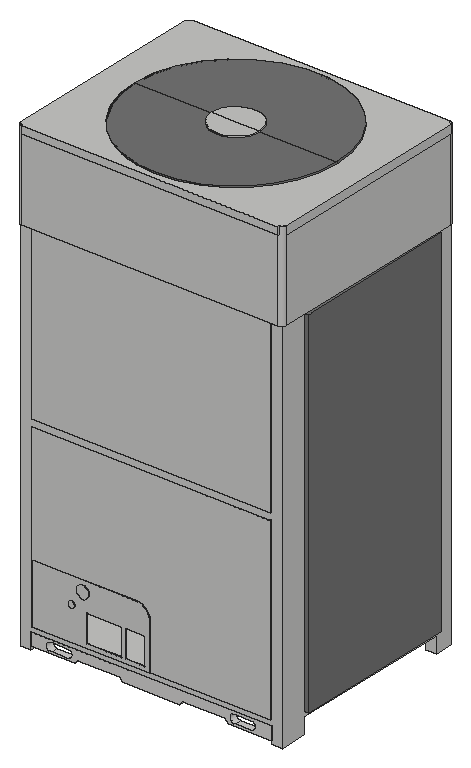
Revit family "Heat_Pump-Split_System-Outdoor-JCI-Single_Unit-6-16 _ton-Heat_Recovery", category Mechanical Equipment, Revit 2014
Parameters (values of type "208v - 6 ton Cooling Capacity")
  Width = 30 1/2"
  Voltage = 208 V
  Visibility 2 = Total Cooling Capacity > 46891.4 VA  # no
  Visibility 1 = Total Cooling Capacity > 21101.1 VA  # no
  URL = "www.johnsoncontrols.com"
  Type Comments = "208v - 6 ton Cooling Capacity"
  Total Heating Capacity = 96000.0 Btu/h
  Total Cooling Capacity = 72000.0 Btu/h
  Shroud Radius = Shroud Diameter / 2  # 14 3/8"
  Shroud Diameter = if(and(Total Cooling Capacity < 48356.7 VA, Total Cooling Capacity > 21101.1 VA), 22", 28 3/4")  # 28 3/4"
  Refrigerant Used = "R410A"
  Product Page URL = ""
  Product Name = "(H,Y)VAHR072B32S"
  Product Documentation Link = ""
  Power Factor = 0.8
  Pipe Material = Metal - JCI - Brass SU
  Phase = 3
  Panel 2 Width = 15 9/32"  # constant formula
  Operating Weight = 516.00 lbf
  Offset = 0"
  Number of Poles = 2
  Model = Product Name  # "(H,Y)VAHR072B32S"
  Minimum Circuit Current = 29 A
  Maximum Overcurrent Protection = 40 A
  Manufacturer = "Johnson Controls Incorporated"
  Load Classification = HVAC
  Lid Height = 12.63"
  Length 9 [instance] = if(Clearance Zones, Clearance Top, 0")  # 0"
  Length 8 [instance] = if(Clearance Zones, Clearance Back, 0")  # 0"
  Length 7 [instance] = if(Clearance Zones, Clearance Front, 0")  # 0"
  Length 6 [instance] = if(Clearance Zones, Clearance Right, 0")  # 0"
  Length 5 [instance] = if(Clearance Zones, Clearance Left, 0")  # 0"
  Length 4 = Height - 1"  # 65 1/4"
  Length 3 = 5/32"
  Length 2 = 0.063"
  Length 15 = if(Visibility 2, Panel 2 Width + Length 3, 0")  # 0"
  Length 14 [instance] = KO 2 X Offset + KO 2 Width + 3/4"  # 18 7/16"
  Length 13 [instance] = 3"
  Length 12 [instance] = 1/4"
  Length 10 [instance] = KO Height / 2  # 1 31/32"
  Length 1 = 11/16"
  Length = 38 3/8"
  Leg Width = 1 1/2"
  KO Power X Offset 3 = 14 9/16"
  KO Power X Offset 2 = 12"
  KO Power X Offset 1 = 8 7/8"
  KO Controls X Offset = 7 5/16"
  KO Controls Radius = KO Controls Diameter / 2  # 7/16"
  KO Controls Diameter = 7/8"
  KO Power X Offset [instance] = if(Knockout Power 1, KO Power X Offset 1, if(Knockout Power 2, KO Power X Offset 2, if(Knockout Power 3, KO Power X Offset 3, 0")))  # 8 7/8"
  KO Power Radius [instance] = KO Power Diameter / 2  # 7/8"
  KO Power Diameter [instance] = if(Knockout Power 1, 1 3/4", if(Knockout Power 2, 1 3/8", 7/8"))  # 1 3/4"
  Knockout Power 3 [instance] = no
  Knockout Power 2 [instance] = no
  Knockout Power 1 [instance] = yes
  Length 11 [instance] = if(Knockout Bottom, 9 13/16", 9 15/16")  # 9 15/16"
  KO 2 X Offset [instance] = 14 15/16"
  KO Z Offset [instance] = if(Knockout Bottom, Base Height, 5 9/16")  # 5 9/16"
  KO Y Offset [instance] = if(Knockout Bottom, 4 5/16" + Length 10, 0")  # 0"
  Knockout Front [instance] = yes
  Knockout Bottom [instance] = not(Knockout Front)  # no
  KO 2 Width [instance] = 2 3/4"
  KO 1 X Offset [instance] = 9 7/16"
  KO 1 Width [instance] = 5"
  KO Height [instance] = if(Knockout Bottom, 3 1/8", 3 15/16")  # 3 15/16"
  Height = 66 1/4"
  Grille Material = Metal - JCI - Grille Square SU
  Frequency = 60 Hz
  Fan 2 X Offset [instance] = if(Visibility 1, Length / 4, Length)  # 38 3/8"
  Fan 1 X Offset [instance] = if(Visibility 1, Length / 4, 0")  # 0"
  Description = "Outdoor Unit Variable Refrigernat Flow with Heat Recovery"
  DX Suction Gas X Offset = 13 1/16"
  DX Suction Gas Radius = DX Suction Gas Diameter / 2  # 3/8"
  DX Suction Gas Diameter = 3/4"
  DX Liquid Z Offset = 10 11/32"
  DX Liquid Y Offset = 5 3/16"
  DX Liquid X Offset = 10 3/8"
  DX Liquid Radius = DX Liquid Diameter / 2  # 1/4"
  DX Liquid Diameter = 1/2"
  DX Gas Z Offset = 6 25/32"
  DX Gas Y Offset = 5 31/32"
  DX Discharge Gas X Offset = 16 5/16"
  DX Discharge Gas Radius = DX Discharge Gas Diameter / 2  # 7/16"
  DX Discharge Gas Diameter = 7/8"
  Copyright © = "Copyright © 2001-2017 Johnson Controls"  # constant formula
  Clearance Zones [instance] = no
  Clearance Top = 59 1/2"
  Clearance Right = 7 7/8"
  Clearance Material = Clearance Zones
  Clearance Left = 7 7/8"
  Clearance Front = 19 11/16"
  Clearance Back = 11 13/16"
  Body Material = Paint - JCI - Silky Shade SU
  Body Inset = 5/16"
  Base Material = Metal - JCI - Base Steel SU
  Base Height = 2.31"
  Assembly Code = "D3030200"
  Apparent Load = Voltage * Minimum Circuit Current / Power Factor  # 7540 VA
  Angle 2 [instance] = if(Knockout Front, 90.00°, 180.00°)  # 90.00°
  Angle 1 [instance] = if(Knockout Front, 90.00°, 0.00°)  # 90.00°
Reference planes (in)
  plane 1 "Center (Front/Back)": y = 0
  plane 2: z = 0
  plane 3 "Center (Left/Right)": x = 0
  plane 4 "Left": x = -19.1875
  plane 5 "Right": x = 19.1875
  plane 6 "Back": y = 15.25
  plane 7 "Front": y = -15.25
  plane 8 "lid left": x = -18.875
  plane 9 "lid right": x = 18.875
  plane 10 "Bottom": z = 0
  plane 11 "Top": z = 66.25
  plane 12 "base top": z = 2.31
  plane 13 "lid bottom": z = 53.62
  plane 14 "front leg inside": y = -11.09375
  plane 15 "back leg inside": y = 12.34375
  plane 16 "lid top": z = 66.187
  plane 17: z = 65.187
  plane 18 "body left": x = -18.5625
  plane 19 "body right": x = 18.5625
  plane 20 "body back": y = 14.9375
  plane 21 "body front": y = -14.9375
  plane 22 "left leg inside": x = -17.0625
  plane 23 "right leg inside": x = 17.0625
  plane 24 "panel bottom": z = 3.02875
  plane 25 "panel front": y = -15.0005
  plane 26: x = -2.375
  plane 27: x = 2.375
  plane 28: y = -6.09375
  plane 29 "fan 1 x cl": x = 0
  plane 30 "fan 2 x cl": x = 38.375
  plane 31 "fan top": z = 66.5
  plane 32 "detail panel right": x = -0.125
  plane 33 "detail panel top": z = 11.4975
  plane 34 "clearance back": y = 15.25
  plane 35 "clearance front": y = -15.25
  plane 36 "clearance left": x = -19.1875
  plane 37 "clearance right": x = 19.1875
  plane 38 "clearance top": z = 66.25
  plane 39: z = 46.39268
  plane 40: z = 39.16536
  plane 41: z = 31.93804
  plane 42: z = 24.71071
  plane 43: z = 17.48339
  plane 44: z = 10.25607
  plane 45: x = 5.3125
  plane 46: x = 8.25
  plane 47: x = 11.1875
  plane 48: x = 14.125
  plane 49: x = -14.125
  plane 50: x = -11.1875
  plane 51: x = -8.25
  plane 52: x = -5.3125
  plane 53: y = 6.19792
  plane 54: y = 0.05208
  plane 55: y = -5.23438
  plane 56: y = 0.625
  plane 57: y = 6.48437
  plane 58 "dx liquid x cl": x = -8.1875
  plane 59 "dx gas suction x cl": x = -5.5
  plane 60 "dx gas discharge x cl": x = -2.25
  plane 61 "dx liquid y cl": y = -10.0625
  plane 62 "dx gas y cl": y = -9.28125
  plane 63 "dx gas z bottom": z = 6.78125
  plane 64 "dx liquid z bottom": z = 10.34375
  plane 65 "ko mech y cl": y = -15.25
  plane 66 "ko z cl": z = 5.5625
  plane 67 "ko power y cl": y = -15
  plane 68 "dummy": z = 9.9375
  plane 69 "pane 2 left": x = 1.625
  plane 70: x = 16.90625
  plane 71 "front dummy": y = -15.25
Forms (in)
  Extrusion 1, solid, material "Paint - JCI - Silky Shade SU" <- "Body Material", detail levels medium+fine
    sketch origin (0, 0, 0) x (1, 0, 0) y (0, 1, 0)
      loop
        arc (-18.1245, 15.187) -> (-18.61064, 14.98564) -> (-18.812, 14.4995) r 0.6875
        line (-18.812, 14.4995) -> (-18.812, -14.4995)
        arc (-18.812, -14.4995) -> (-18.61064, -14.98564) -> (-18.1245, -15.187) r 0.6875
        line (-18.1245, -15.187) -> (18.1245, -15.187)
        arc (18.1245, -15.187) -> (18.61064, -14.98564) -> (18.812, -14.4995) r 0.6875
        line (18.812, -14.4995) -> (18.812, 14.4995)
        arc (18.812, 14.4995) -> (18.61064, 14.98564) -> (18.1245, 15.187) r 0.6875
        line (18.1245, 15.187) -> (-18.1245, 15.187)
    from 53.62 to 66.187
  Extrusion 2, solid, material "Paint - JCI - Silky Shade SU" <- "Body Material", detail levels fine
    sketch origin (0, 0, 0) x (1, 0, 0) y (0, 1, 0)
      loop
        line (-18.875, -14.5625) -> (-18.74632, -14.5625)
        arc (-18.74632, -14.5625) -> (-18.56644, -14.94144) -> (-18.1875, -15.12132) r 0.625
        line (-18.1875, -15.12132) -> (-18.1875, -15.25) -> (18.1875, -15.25) -> (18.1875, -15.12132)
        arc (18.1875, -15.12132) -> (18.56644, -14.94144) -> (18.74632, -14.5625) r 0.625
        line (18.74632, -14.5625) -> (18.875, -14.5625) -> (18.875, 14.5625) -> (18.74632, 14.5625)
        arc (18.74632, 14.5625) -> (18.56644, 14.94144) -> (18.1875, 15.12132) r 0.625
        line (18.1875, 15.12132) -> (18.1875, 15.25) -> (-18.1875, 15.25) -> (-18.1875, 15.12132)
        arc (-18.1875, 15.12132) -> (-18.56644, 14.94144) -> (-18.74632, 14.5625) r 0.625
        line (-18.74632, 14.5625) -> (-18.875, 14.5625) -> (-18.875, -14.5625)
    from 66.25 to 65.187
  Extrusion 3, solid, material "Paint - JCI - Silky Shade SU" <- "Body Material", detail levels medium+fine
    sketch origin (0, 0, 0) x (0, 1, 0) y (0, 0, 1)
      loop
        line (-14.9375, 53.62) -> (-14.9375, 0) -> (-11.09375, 0) -> (-11.09375, 2.31) -> (12.34375, 2.31) -> (12.34375, 0) -> (14.9375, 0) -> (14.9375, 53.62) -> (-14.9375, 53.62)
    from -18.5625 to 18.5625
  Extrusion 4, void
    sketch origin (0, 0, 0) x (1, 0, 0) y (0, 1, 0)
      loop
        line (-17.0625, 15.25) -> (-17.0625, -15.25) -> (17.0625, -15.25) -> (17.0625, 15.25) -> (-17.0625, 15.25)
    from 0 to 2.31
  Extrusion 5, solid, material "Metal - JCI - Base Steel SU" <- "Base Material", detail levels fine
    sketch origin (0, -14.9375, 0) x (-1, 0, 0) y (0, 0, 1)
      loop
        line (17.0625, 2.31) -> (-17.0625, 2.31) -> (-17.0625, 0.46875) -> (-10.90625, 0.46875) -> (-10.40625, 0.96875) -> (-4.5, 0.96875) -> (-4, 0.46875) -> (4, 0.46875) -> (4.5, 0.96875) -> (10.40625, 0.96875) -> (10.90625, 0.46875) -> (17.0625, 0.46875) -> (17.0625, 2.31)
      loop
        line (14.1875, 1.95679) -> (11.8125, 1.95679)
        arc (11.8125, 1.95679) -> (11.1875, 1.33179) -> (11.8125, 0.70679) r 0.625
        line (11.8125, 0.70679) -> (14.1875, 0.70679)
        arc (14.1875, 0.70679) -> (14.8125, 1.33179) -> (14.1875, 1.95679) r 0.625
      loop
        arc (-14.1875, 1.95679) -> (-14.8125, 1.33179) -> (-14.1875, 0.70679) r 0.625
        line (-14.1875, 0.70679) -> (-11.8125, 0.70679)
        arc (-11.8125, 0.70679) -> (-11.1875, 1.33179) -> (-11.8125, 1.95679) r 0.625
        line (-11.8125, 1.95679) -> (-14.1875, 1.95679)
    from 0 to 1
  Extrusion 6, solid, material "Metal - JCI - Base Steel SU" <- "Base Material", detail levels fine
    sketch origin (0, 14.9375, 0) x (-1, 0, 0) y (0, 0, 1)
      loop
        line (10.40625, 0.96875) -> (10.90625, 0.46875) -> (17.0625, 0.46875) -> (17.0625, 2.31) -> (-17.0625, 2.31) -> (-17.0625, 0.46875) -> (-10.90625, 0.46875) -> (-10.40625, 0.96875) -> (-4.5, 0.96875) -> (-4, 0.46875) -> (4, 0.46875) -> (4.5, 0.96875) -> (10.40625, 0.96875)
      loop
        line (11.8125, 0.70679) -> (14.1875, 0.70679)
        arc (14.1875, 0.70679) -> (14.8125, 1.33179) -> (14.1875, 1.95679) r 0.625
        line (14.1875, 1.95679) -> (11.8125, 1.95679)
        arc (11.8125, 1.95679) -> (11.1875, 1.33179) -> (11.8125, 0.70679) r 0.625
      loop
        line (-11.8125, 1.95679) -> (-14.1875, 1.95679)
        arc (-14.1875, 1.95679) -> (-14.8125, 1.33179) -> (-14.1875, 0.70679) r 0.625
        line (-14.1875, 0.70679) -> (-11.8125, 0.70679)
        arc (-11.8125, 0.70679) -> (-11.1875, 1.33179) -> (-11.8125, 1.95679) r 0.625
    from 0 to -1
  Extrusion 7, solid, material "Paint - JCI - Silky Shade SU" <- "Body Material", detail levels fine
    sketch origin (0, -14.9375, 0) x (-1, 0, 0) y (0, 0, 1)
      loop
        line (16.90625, 53.62) -> (-16.90625, 53.62) -> (-16.90625, 29.40125) -> (16.90625, 29.40125) -> (16.90625, 53.62)
      loop
        line (16.90625, 28.37) -> (-16.90625, 28.37) -> (-16.90625, 3.02875) -> (0.0625, 3.02875) -> (0.0625, 9.4975)
        arc (0.0625, 9.4975) -> (0.66659, 10.95591) -> (2.125, 11.56) r 2.0625
        line (2.125, 11.56) -> (16.90625, 11.56) -> (16.90625, 28.37)
      loop
        line (16.90625, 3.02875) -> (16.90625, 11.4975) -> (2.125, 11.4975)
        arc (2.125, 11.4975) -> (0.71079, 10.91171) -> (0.125, 9.4975) r 2
        line (0.125, 9.4975) -> (0.125, 3.02875) -> (16.90625, 3.02875)
    from 0 to -0.063
  Extrusion 8, solid, material "Metal - JCI - Grille Square SU" <- "Grille Material", detail levels medium+fine
    sketch origin (0, 0, 0) x (1, 0, 0) y (0, 1, 0)
      loop
        line (-19.1875, 12.34375) -> (-19.1875, -6.09375) -> (-17.35479, -6.09375) -> (-17.35479, -5.09375) -> (0, -5.09375) -> (0, -11.09375) -> (19.1875, -11.09375) -> (19.1875, 12.34375) -> (17.0625, 12.34375) -> (17.0625, 15.25) -> (2.375, 15.25) -> (2.375, 12.34375) -> (-2.375, 12.34375) -> (-2.375, 15.25) -> (-17.0625, 15.25) -> (-17.0625, 12.34375) -> (-19.1875, 12.34375)
    from 3.02875 to 53.62
  Extrusion 9, void
    sketch origin (0, 0, 0) x (1, 0, 0) y (0, 1, 0)
      loop
        circle (0, 0) r 14.375
      loop
        circle (38.375, 0) r 14.375
    from 65.187 to 66.25
  Extrusion 10, solid, detail levels coarse
    sketch origin (0, 0, 0) x (1, 0, 0) y (0, 1, 0)
      loop
        line (-19.1875, 15.25) -> (-19.1875, -15.25) -> (19.1875, -15.25) -> (19.1875, 15.25) -> (-19.1875, 15.25)
    from 0 to 66.5
  Extrusion 11, solid, material "Clearance Zones" <- "Clearance Material", visible <- "Clearance Zones"
    sketch origin (0, 0, 53.62) x (-1, 0, 0) y (0, -1, 0)
      loop
        line (19.1875, -15.25) -> (19.1875, 15.25) -> (-19.1875, 15.25) -> (-19.1875, -15.25) -> (19.1875, -15.25)
    from -53.62 to 12.63
  Extrusion 12, void
    sketch origin (0, 15.25, 0) x (-1, 0, 0) y (0, 0, 1)
      loop
        line (16.90625, 11.4975) -> (0.125, 11.4975) -> (0.125, 3.02875) -> (16.90625, 3.02875) -> (16.90625, 11.4975)
    from -30.1875 to -21.34375
  Extrusion 13, solid, material "Metal - JCI - Brass SU" <- "Pipe Material", detail levels medium+fine
    sketch origin (0, 0, 53.62) x (-1, 0, 0) y (0, -1, 0)
      loop
        circle (5.5, 9.28125) r 0.375
      loop
        circle (2.25, 9.28125) r 0.4375
    from -46.83875 to -42.1225
  Extrusion 14, solid, material "Metal - JCI - Brass SU" <- "Pipe Material", detail levels medium+fine
    sketch origin (0, 0, 53.62) x (-1, 0, 0) y (0, -1, 0)
      loop
        circle (8.1875, 10.0625) r 0.25
    from -42.1225 to -43.27625
  Extrusion 15, void
    sketch origin (-18.5625, -15.25, 5.5625) x (0, 0, 1) y (1, 0, 0)
      loop
        line (1.96875, 9.4375) -> (1.96875, 14.4375) -> (-1.96875, 14.4375) -> (-1.96875, 9.4375) -> (1.96875, 9.4375)
      loop
        line (1.96875, 14.9375) -> (1.96875, 17.6875) -> (-1.96875, 17.6875) -> (-1.96875, 14.9375) -> (1.96875, 14.9375)
    from 9 to -1
  Extrusion 16, solid, material "Paint - JCI - Silky Shade SU" <- "Body Material", detail levels medium+fine
    sketch origin (-38.06929, -15.0005, 48) x (-1, 0, 0) y (0, 0, 1)
      loop
        circle (-26.81929, -40.1875) r 0.4375
      loop
        circle (-28.38179, -38.0625) r 0.875
    from 0 to 1
  Extrusion 17, solid, material "Paint - JCI - Silky Shade SU" <- "Body Material", visible <- "Visibility 2", detail levels medium+fine
    sketch origin (0, -14.9375, 0) x (-1, 0, 0) y (0, 0, 1)
      loop
        line (-1.625, 53.62) -> (-16.90625, 53.62) -> (-16.90625, 3.02875) -> (-1.625, 3.02875) -> (-1.625, 53.62)
    from 0 to -0.0625
Cuts and joins
  Extrusion 4, Extrusion 12, Extrusion 15 cuts Extrusion 3
  Extrusion 9 cuts Extrusion 2
  Extrusion 9 cuts Extrusion 1
  Extrusion 15 cuts Extrusion 7
Lines and regions (in)
  Masking region 1, detail levels coarse
    outline origin (0, 0, 53.62) x (-1, 0, 0) y (0, -1, 0)
      loop
        line (19.1875, -15.25) -> (19.1875, 15.25) -> (-19.1875, 15.25) -> (-19.1875, -15.25) -> (19.1875, -15.25)
  Masking region 2, detail levels medium+fine
    outline origin (0, 0, 53.62) x (-1, 0, 0) y (0, -1, 0)
      loop
        line (19.1875, 6.09375) -> (18.875, 6.09375) -> (18.875, 14.5625) -> (18.80911, 14.5625)
        arc (18.80911, 14.5625) -> (18.61064, 14.98564) -> (18.1875, 15.18411) r 0.6875
        line (18.1875, 15.18411) -> (18.1875, 15.25) -> (-18.1875, 15.25) -> (-18.1875, 15.18411)
        arc (-18.1875, 15.18411) -> (-18.61064, 14.98564) -> (-18.80911, 14.5625) r 0.6875
        line (-18.80911, 14.5625) -> (-18.875, 14.5625) -> (-18.875, 11.09375) -> (-19.1875, 11.09375) -> (-19.1875, -12.34375) -> (-18.875, -12.34375) -> (-18.875, -14.5625) -> (-18.80911, -14.5625)
        arc (-18.80911, -14.5625) -> (-18.61064, -14.98564) -> (-18.1875, -15.18411) r 0.6875
        line (-18.1875, -15.18411) -> (-18.1875, -15.25) -> (18.1875, -15.25) -> (18.1875, -15.18411)
        arc (18.1875, -15.18411) -> (18.61064, -14.98564) -> (18.80911, -14.5625) r 0.6875
        line (18.80911, -14.5625) -> (18.875, -14.5625) -> (18.875, -12.34375) -> (19.1875, -12.34375) -> (19.1875, 6.09375)
  Masking region 3, detail levels coarse
    outline origin (0, 0, 0) x (1, 0, 0) y (0, 0, 1)
      loop
        line (-19.1875, 66.5) -> (-19.1875, 0) -> (19.1875, 0) -> (19.1875, 66.5) -> (-19.1875, 66.5)
  Masking region 4, detail levels medium+fine
    outline origin (0, 0, 0) x (1, 0, 0) y (0, 0, 1)
      loop
        line (-18.812, 53.62) -> (-19.1875, 53.62) -> (-19.1875, 3.02875) -> (-18.5625, 3.02875) -> (-18.5625, 0) -> (-17.0625, 0) -> (-17.0625, 2.31) -> (17.0625, 2.31) -> (17.0625, 0) -> (18.5625, 0) -> (18.5625, 3.02875) -> (19.1875, 3.02875) -> (19.1875, 53.62) -> (18.812, 53.62) -> (18.812, 66.25) -> (-18.812, 66.25) -> (-18.812, 53.62)
  Masking region 5, detail levels fine
    outline origin (0, 0, 0) x (1, 0, 0) y (0, 0, 1)
      loop
        line (-18.875, 66.25) -> (-18.875, 65.187) -> (-18.74632, 65.187) -> (-18.74632, 66.187) -> (-18.1875, 66.187) -> (-18.1875, 65.187) -> (18.1875, 65.187) -> (18.1875, 66.187) -> (18.74632, 66.187) -> (18.74632, 65.187) -> (18.875, 65.187) -> (18.875, 66.25) -> (14.375, 66.25) -> (14.375, 66.5) -> (-14.375, 66.5) -> (-14.375, 66.25) -> (-18.875, 66.25)
      loop
        line (-10.40625, 0.96875) -> (-4.5, 0.96875) -> (-4, 0.46875) -> (4, 0.46875) -> (4.5, 0.96875) -> (10.40625, 0.96875) -> (10.90625, 0.46875) -> (17.0625, 0.46875) -> (17.0625, 2.31) -> (-17.0625, 2.31) -> (-17.0625, 0.46875) -> (-10.90625, 0.46875) -> (-10.40625, 0.96875)
      loop
        arc (-14.1875, 1.95679) -> (-14.8125, 1.33179) -> (-14.1875, 0.70679) r 0.625
        line (-14.1875, 0.70679) -> (-11.8125, 0.70679)
        arc (-11.8125, 0.70679) -> (-11.1875, 1.33179) -> (-11.8125, 1.95679) r 0.625
        line (-11.8125, 1.95679) -> (-14.1875, 1.95679)
      loop
        arc (11.8125, 1.95679) -> (11.1875, 1.33179) -> (11.8125, 0.70679) r 0.625
        line (11.8125, 0.70679) -> (14.1875, 0.70679)
        arc (14.1875, 0.70679) -> (14.8125, 1.33179) -> (14.1875, 1.95679) r 0.625
        line (14.1875, 1.95679) -> (11.8125, 1.95679)
  Masking region 6, detail levels coarse
    outline origin (0, 0, 0) x (0, 1, 0) y (0, 0, 1)
      loop
        line (15.25, 66.5) -> (-15.25, 66.5) -> (-15.25, 0) -> (15.25, 0) -> (15.25, 66.5)
  Masking region 7, detail levels medium+fine
    outline origin (0, 0, 0) x (0, 1, 0) y (0, 0, 1)
      loop
        line (15.187, 53.62) -> (15.187, 66.25) -> (-15.187, 66.25) -> (-15.187, 53.62) -> (-14.9375, 53.62) -> (-14.9375, 0) -> (-11.09375, 0) -> (-11.09375, 2.31) -> (12.34375, 2.31) -> (12.34375, 0) -> (14.9375, 0) -> (14.9375, 3.02875) -> (15.25, 3.02875) -> (15.25, 53.62) -> (15.187, 53.62)
  Masking region 8, detail levels fine
    outline origin (19.1875, 0, 0) x (0, 1, 0) y (0, 0, 1)
      loop
        line (-14.9375, 3.02875) -> (-14.9375, 53.62) -> (-15.0005, 53.62) -> (-15.0005, 3.02875) -> (-14.9375, 3.02875)
      loop
        line (-15.25, 66.25) -> (-15.25, 65.187) -> (-15.187, 65.187) -> (-15.187, 66.187) -> (-14.5625, 66.187) -> (-14.5625, 65.187) -> (14.5625, 65.187) -> (14.5625, 66.187) -> (15.187, 66.187) -> (15.187, 65.187) -> (15.25, 65.187) -> (15.25, 66.25) -> (14.375, 66.25) -> (14.375, 66.5) -> (-14.375, 66.5) -> (-14.375, 66.25) -> (-15.25, 66.25)
  Masking region 9, visible <- "Visibility 2", detail levels fine
    outline origin (0, -14.9375, 0) x (-1, 0, 0) y (0, 0, 1)
      loop
        line (-24, 66.5) -> (-52.75, 66.5) -> (-52.75, 66.25) -> (-24, 66.25) -> (-24, 66.5)
  symbolic lines, style "Clearance Zones", visible <- "Clearance Zones"
    curve 1: line (-19.1875, 15.25, 53.62) -> (19.1875, 15.25, 53.62)
    curve 2: line (-19.1875, -15.25, 53.62) -> (-19.1875, 15.25, 53.62)
    curve 3: line (19.1875, -15.25, 53.62) -> (-19.1875, -15.25, 53.62)
    curve 4: line (19.1875, 15.25, 53.62) -> (19.1875, -15.25, 53.62)
    curve 5: line (-19.1875, 0, 66.25) -> (19.1875, 0, 66.25)
    curve 6: line (-19.1875, 0, 0) -> (-19.1875, 0, 66.25)
    curve 7: line (19.1875, 0, 0) -> (-19.1875, 0, 0)
    curve 8: line (19.1875, 0, 66.25) -> (19.1875, 0, 0)
    curve 9: line (0, 15.25, 66.25) -> (0, -15.25, 66.25)
    curve 10: line (0, 15.25, 0) -> (0, 15.25, 66.25)
    curve 11: line (0, -15.25, 0) -> (0, 15.25, 0)
    curve 12: line (0, -15.25, 66.25) -> (0, -15.25, 0)
  symbolic lines, detail levels medium+fine
    curve 13: line (-18.875, 12.34375, 53.62) -> (-18.875, -6.09375, 53.62)
    curve 14: line (18.875, 12.34375, 53.62) -> (18.875, -11.09375, 53.62)
    curve 16: line (-18.5625, 0, 53.62) -> (-18.5625, 0, 3.02875)
    curve 17: line (-18.812, 0, 53.62) -> (18.812, 0, 53.62)
    curve 18: line (18.5625, 0, 53.62) -> (18.5625, 0, 3.02875)
    curve 39: line (-17.0625, 15.25, 3.02875) -> (-17.0625, 15.25, 53.62)
    curve 40: line (-2.375, 15.25, 3.02875) -> (-17.0625, 15.25, 3.02875)
    curve 41: line (-2.375, 15.25, 53.62) -> (-2.375, 15.25, 3.02875)
    curve 42: line (2.375, 15.25, 3.02875) -> (2.375, 15.25, 53.62)
    curve 43: line (17.0625, 15.25, 3.02875) -> (2.375, 15.25, 3.02875)
    curve 44: line (17.0625, 15.25, 53.62) -> (17.0625, 15.25, 3.02875)
    curve 45: line (2.375, 15.25, 46.39268) -> (17.0625, 15.25, 46.39268)
    curve 46: line (2.375, 15.25, 39.16536) -> (17.0625, 15.25, 39.16536)
    curve 47: line (2.375, 15.25, 31.93804) -> (17.0625, 15.25, 31.93804)
    curve 48: line (2.375, 15.25, 24.71071) -> (17.0625, 15.25, 24.71071)
    curve 49: line (2.375, 15.25, 17.48339) -> (17.0625, 15.25, 17.48339)
    curve 50: line (2.375, 15.25, 10.25607) -> (17.0625, 15.25, 10.25607)
    curve 51: line (5.3125, 15.25, 53.62) -> (5.3125, 15.25, 3.02875)
    curve 52: line (8.25, 15.25, 53.62) -> (8.25, 15.25, 3.02875)
    curve 53: line (11.1875, 15.25, 53.62) -> (11.1875, 15.25, 3.02875)
    curve 54: line (14.125, 15.25, 53.62) -> (14.125, 15.25, 3.02875)
    curve 55: line (-17.0625, 15.25, 46.39268) -> (-2.375, 15.25, 46.39268)
    curve 56: line (-17.0625, 15.25, 39.16536) -> (-2.375, 15.25, 39.16536)
    curve 57: line (-17.0625, 15.25, 31.93804) -> (-2.375, 15.25, 31.93804)
    curve 58: line (-2.375, 15.25, 24.71071) -> (-17.0625, 15.25, 24.71071)
    curve 59: line (-17.0625, 15.25, 17.48339) -> (-2.375, 15.25, 17.48339)
    curve 60: line (-17.0625, 15.25, 10.25607) -> (-2.375, 15.25, 10.25607)
    curve 61: line (-14.125, 15.25, 53.62) -> (-14.125, 15.25, 3.02875)
    curve 62: line (-11.1875, 15.25, 53.62) -> (-11.1875, 15.25, 3.02875)
    curve 63: line (-8.25, 15.25, 53.62) -> (-8.25, 15.25, 3.02875)
    curve 64: line (-5.3125, 15.25, 53.62) -> (-5.3125, 15.25, 3.02875)
    curve 65: line (0, 15.187, 53.62) -> (0, -15.187, 53.62)
    curve 66: line (0, 14.9375, 53.62) -> (0, 14.9375, 3.02875)
    curve 67: line (-19.1875, 12.34375, 3.02875) -> (-19.1875, 12.34375, 53.62)
    curve 68: line (-19.1875, -6.09375, 3.02875) -> (-19.1875, 12.34375, 3.02875)
    curve 69: line (-19.1875, -6.09375, 53.62) -> (-19.1875, -6.09375, 3.02875)
    curve 70: line (-19.1875, 6.19792, 53.62) -> (-19.1875, 6.19792, 3.02875)
    curve 71: line (-19.1875, 0.05208, 53.62) -> (-19.1875, 0.05208, 3.02875)
    curve 72: line (-19.1875, 12.34375, 46.39268) -> (-19.1875, -6.09375, 46.39268)
    curve 73: line (-19.1875, 12.34375, 39.16536) -> (-19.1875, -6.09375, 39.16536)
    curve 74: line (-19.1875, 12.34375, 31.93804) -> (-19.1875, -6.09375, 31.93804)
    curve 75: line (-19.1875, 12.34375, 24.71071) -> (-19.1875, -6.09375, 24.71071)
    curve 76: line (-19.1875, 12.34375, 17.48339) -> (-19.1875, -6.09375, 17.48339)
    curve 77: line (-19.1875, 12.34375, 10.25607) -> (-19.1875, -6.09375, 10.25607)
    curve 78: line (19.1875, -11.09375, 53.62) -> (19.1875, -11.09375, 3.02875)
    curve 79: line (19.1875, -11.09375, 3.02875) -> (19.1875, 12.34375, 3.02875)
    curve 80: line (19.1875, -11.09375, 10.25607) -> (19.1875, 12.34375, 10.25607)
    curve 81: line (19.1875, -11.09375, 17.48339) -> (19.1875, 12.34375, 17.48339)
    curve 82: line (19.1875, -11.09375, 24.71071) -> (19.1875, 12.34375, 24.71071)
    curve 83: line (19.1875, -11.09375, 31.93804) -> (19.1875, 12.34375, 31.93804)
    curve 84: line (19.1875, -11.09375, 39.16536) -> (19.1875, 12.34375, 39.16536)
    curve 85: line (19.1875, -11.09375, 46.39268) -> (19.1875, 12.34375, 46.39268)
    curve 86: line (19.1875, -5.23438, 53.62) -> (19.1875, -5.23438, 3.02875)
    curve 87: line (19.1875, 0.625, 53.62) -> (19.1875, 0.625, 3.02875)
    curve 88: line (19.1875, 6.48437, 53.62) -> (19.1875, 6.48437, 3.02875)
    curve 89: line (19.1875, -14.375, 66.25) -> (19.1875, 14.375, 66.25)
    curve 92: circle (-11.25, -14.9375, 7.8125) r 0.4375 normal (0, 1, 0)
    curve 101: circle (-9.6875, -14.9375, 9.9375) r 0.875 normal (0, 1, 0)
  symbolic lines, detail levels fine
    curve 15: line (-14.375, 0, 66.25) -> (17.5625, 0, 66.25)
    curve 19: line (-16.90625, -15.25, 3.02875) -> (-0.125, -15.25, 3.02875)
    curve 20: line (-0.125, -15.25, 3.02875) -> (-0.125, -15.25, 9.4975)
    curve 21: arc (-0.125, -15.25, 9.4975) -> (-0.71079, -15.25, 10.91171) -> (-2.125, -15.25, 11.4975) r 2
    curve 22: line (-2.125, -15.25, 11.4975) -> (-16.90625, -15.25, 11.4975)
    curve 23: line (-16.90625, -15.25, 11.4975) -> (-16.90625, -15.25, 3.02875)
    curve 24: line (-0.0625, -15.25, 3.02875) -> (16.90625, -15.25, 3.02875)
    curve 25: line (16.90625, -15.25, 3.02875) -> (16.90625, -15.25, 28.37)
    curve 26: line (16.90625, -15.25, 28.37) -> (-16.90625, -15.25, 28.37)
    curve 27: line (-16.90625, -15.25, 28.37) -> (-16.90625, -15.25, 11.56)
    curve 28: line (-16.90625, -15.25, 11.56) -> (-2.125, -15.25, 11.56)
    curve 29: arc (-2.125, -15.25, 11.56) -> (-0.66659, -15.25, 10.95591) -> (-0.0625, -15.25, 9.4975) r 2.0625
    curve 30: line (-0.0625, -15.25, 9.4975) -> (-0.0625, -15.25, 3.02875)
    curve 31: line (-16.90625, -15.25, 29.40125) -> (16.90625, -15.25, 29.40125)
    curve 32: line (16.90625, -15.25, 29.40125) -> (16.90625, -15.25, 53.62)
    curve 33: line (16.90625, -15.25, 53.62) -> (-16.90625, -15.25, 53.62)
    curve 34: line (-16.90625, -15.25, 53.62) -> (-16.90625, -15.25, 29.40125)
    curve 35: line (16.90625, -15.25, 53.62) -> (1.625, -15.25, 53.62)
    curve 37: line (1.625, -15.25, 3.02875) -> (16.90625, -15.25, 3.02875)
  symbolic lines, visible <- "Visibility 2", detail levels fine
    curve 36: line (1.625, -15.25, 53.62) -> (1.625, -15.25, 3.02875)
    curve 38: line (16.90625, -15.25, 3.02875) -> (16.90625, -15.25, 53.62)
  reference lines, not visible
    curve 90: line (-18.5625, -15.25, 5.5625) -> (-18.5625, -15.25, 7.53125)
    curve 91: line (-18.5625, -15, 0) -> (-18.5625, -15, 9.9375)
  symbolic lines, visible <- "Knockout Front", detail levels medium+fine
    curve 93: line (-9.125, -14.9375, 7.53125) -> (-4.125, -14.9375, 7.53125)
    curve 94: line (-4.125, -14.9375, 7.53125) -> (-4.125, -14.9375, 3.59375)
    curve 95: line (-4.125, -14.9375, 3.59375) -> (-9.125, -14.9375, 3.59375)
    curve 96: line (-9.125, -14.9375, 3.59375) -> (-9.125, -14.9375, 7.53125)
    curve 97: line (-3.625, -14.9375, 7.53125) -> (-0.875, -14.9375, 7.53125)
    curve 98: line (-0.875, -14.9375, 7.53125) -> (-0.875, -14.9375, 3.59375)
    curve 99: line (-0.875, -14.9375, 3.59375) -> (-3.625, -14.9375, 3.59375)
    curve 100: line (-3.625, -14.9375, 3.59375) -> (-3.625, -14.9375, 7.53125)
Dimensions and locks (in)
  equal spacing: plane 4 "Left", plane 3 "Center (Left/Right)", plane 5 "Right"
  "Length": plane 4 "Left" to plane 5 "Right"
  equal spacing: plane 6 "Back", plane 1 "Center (Front/Back)", plane 7 "Front"
  "Width": plane 6 "Back" to plane 7 "Front"
  locked: plane 4 "Left" to plane 8 "lid left" at 0.3125
  locked: plane 9 "lid right" to plane 5 "Right" at 0.3125
  "Height": plane 11 "Top" to plane 10 "Bottom"
  "Base Height": plane 12 "base top" to plane 10 "Bottom"
  "Offset": plane 10 "Bottom" to level
  "Lid Height": plane 11 "Top" to plane 13 "lid bottom"
  locked: plane 6 "Back" to plane 15 "back leg inside" at 2.90625
  locked: plane 14 "front leg inside" to plane 7 "Front" at 4.15625
  "Length 2": Extrusion 1 sketch curve to plane 6 "Back"
  "Length 2": Extrusion 1 sketch curve to plane 7 "Front"
  "Length 2": plane 8 "lid left" to Extrusion 1 sketch curve
  "Length 2": Extrusion 1 sketch curve to plane 9 "lid right"
  "Length 2": plane 11 "Top" to plane 16 "lid top"
  "Length 1": Extrusion 2 sketch curve to Extrusion 2 sketch curve  (x4)
  locked: plane 16 "lid top" to plane 17 at 1
  "Body Inset": plane 8 "lid left" to plane 18 "body left"
  "Body Inset": plane 19 "body right" to plane 9 "lid right"
  "Body Inset": plane 6 "Back" to plane 20 "body back"
  "Body Inset": plane 21 "body front" to plane 7 "Front"
  "Leg Width": plane 18 "body left" to plane 22 "left leg inside"
  "Leg Width": plane 23 "right leg inside" to plane 19 "body right"
  locked: Extrusion 5 sketch curve to plane 10 "Bottom" at 0.46875
  locked: Extrusion 5 sketch curve to Extrusion 5 sketch curve at 6.15625  (x2)
  locked: Extrusion 5 sketch curve to Extrusion 5 sketch curve at 0.5  (x2)
  locked: Extrusion 5 sketch curve to plane 18 "body left" at 4.375
  locked: Extrusion 5 sketch curve to plane 18 "body left" at 6.75
  equal spacing: Extrusion 5 sketch curve, plane 3 "Center (Left/Right)", Extrusion 5 sketch curve
  locked: plane 3 "Center (Left/Right)" to Extrusion 5 sketch curve at 4
  locked: plane 19 "body right" to Extrusion 5 sketch curve at 4.375
  locked: plane 19 "body right" to Extrusion 5 sketch curve at 6.75
  locked: Extrusion 5 sketch curve to plane 10 "Bottom" at 1.33179  (x2)
  locked: plane 24 "panel bottom" to plane 12 "base top" at 0.71875
  locked: Extrusion 7 sketch curve to Extrusion 7 sketch curve at 1.03125
  "Length 3": Extrusion 7 sketch curve to plane 22 "left leg inside"
  locked: Extrusion 7 sketch curve to Extrusion 7 sketch curve at 24.21875
  "Length 2": plane 21 "body front" to plane 25 "panel front"
  equal spacing: plane 26, plane 3 "Center (Left/Right)", plane 27
  locked: plane 26 to plane 3 "Center (Left/Right)" at 2.375
  locked: plane 28 to plane 14 "front leg inside" at 5
  locked: plane 31 "fan top" to plane 11 "Top" at 0.25
  "Length 14": plane 32 "detail panel right" to plane 18 "body left"
  locked: plane 33 "detail panel top" to plane 24 "panel bottom" at 8.46875
  locked: Extrusion 7 sketch curve to Extrusion 7 sketch curve at 0.0625  (x2)
  "Length 5": plane 36 "clearance left" to plane 4 "Left"
  "Length 6": plane 5 "Right" to plane 37 "clearance right"
  "Length 8": plane 34 "clearance back" to plane 6 "Back"
  "Length 7": plane 71 "front dummy" to plane 35 "clearance front"
  "Length 9": plane 38 "clearance top" to plane 11 "Top"
  equal spacing: Masking region 5 sketch curve, plane 29 "fan 1 x cl", Masking region 5 sketch curve
  "Shroud Diameter": Masking region 5 sketch curve to Masking region 5 sketch curve
  equal spacing: plane 13 "lid bottom", plane 39, plane 40, plane 41, plane 42, plane 43, plane 44, plane 24 "panel bottom"
  equal spacing: plane 23 "right leg inside", plane 48, plane 47, plane 46, plane 45, plane 27
  equal spacing: plane 26, plane 52, plane 51, plane 50, plane 49, plane 22 "left leg inside"
  equal spacing: plane 15 "back leg inside", plane 53, plane 54, plane 28
  equal spacing: plane 14 "front leg inside", plane 55, plane 56, plane 57, plane 15 "back leg inside"
  equal spacing: Masking region 8 sketch curve, plane 1 "Center (Front/Back)", Masking region 8 sketch curve
  "Shroud Diameter": Masking region 8 sketch curve to Masking region 8 sketch curve
  "DX Liquid X Offset": plane 18 "body left" to plane 58 "dx liquid x cl"
  "DX Suction Gas X Offset": plane 18 "body left" to plane 59 "dx gas suction x cl"
  "DX Discharge Gas X Offset": plane 18 "body left" to plane 60 "dx gas discharge x cl"
  "DX Liquid Y Offset": plane 61 "dx liquid y cl" to plane 7 "Front"
  "DX Gas Y Offset": plane 62 "dx gas y cl" to plane 7 "Front"
  "DX Gas Z Offset": plane 63 "dx gas z bottom" to plane 10 "Bottom"
  "DX Liquid Z Offset": plane 64 "dx liquid z bottom" to plane 10 "Bottom"
  "KO Y Offset": plane 65 "ko mech y cl" to plane 7 "Front"
  "KO Z Offset": plane 66 "ko z cl" to plane 10 "Bottom"
  "Length 10": curve 90 to curve 90
  "KO Height": Extrusion 15 sketch curve to Extrusion 15 sketch curve
  "KO 2 Width": Extrusion 15 sketch curve to Extrusion 15 sketch curve
  "KO 2 X Offset": Extrusion 15 sketch curve to curve 90
  "KO 1 Width": Extrusion 15 sketch curve to Extrusion 15 sketch curve
  "KO 1 X Offset": Extrusion 15 sketch curve to curve 90
  locked: Extrusion 8 sketch curve to Extrusion 8 sketch curve at 1
  "Length 11": curve 91 to curve 91
  "Length 12": plane 67 "ko power y cl" to plane 71 "front dummy"
  "KO Controls X Offset": Extrusion 16 sketch curve to plane 18 "body left"
  locked: Extrusion 16 sketch curve to plane 10 "Bottom" at 7.8125
  locked: plane 68 "dummy" to plane 10 "Bottom" at 9.9375
  "KO 2 Width": curve 100 to curve 98
  "KO 2 X Offset": curve 100 to plane 18 "body left"
  "KO 1 Width": curve 96 to curve 94
  "KO Height": curve 97 to curve 99
  locked: curve 99 to plane 10 "Bottom" at 3.59375
  "KO 1 X Offset": curve 96 to plane 18 "body left"
  "Fan 1 X Offset": plane 29 "fan 1 x cl" to plane 3 "Center (Left/Right)"
  "Fan 2 X Offset": plane 3 "Center (Left/Right)" to plane 30 "fan 2 x cl"
  "Length 3": plane 23 "right leg inside" to plane 70
  "Panel 2 Width": plane 70 to plane 69 "pane 2 left"
  "Length 15": Extrusion 7 sketch curve to plane 70
  "Panel 2 Width": Extrusion 17 sketch curve to Extrusion 17 sketch curve
  equal spacing: Masking region 9 sketch curve, plane 30 "fan 2 x cl", Masking region 9 sketch curve
  "Shroud Diameter": Masking region 9 sketch curve to Masking region 9 sketch curve
  locked: Extrusion 16 sketch curve to plane 10 "Bottom" at 9.9375
  "KO Power X Offset": Extrusion 16 sketch curve to plane 18 "body left"
  "Length 1": radius of Extrusion 1 sketch curve  (x4)
  radius of Extrusion 5 sketch curve = 5/8"
  "Shroud Radius": radius of Extrusion 9 sketch curve  (x2)
  radius of Extrusion 7 sketch curve = 2"
  radius of Extrusion 7 sketch curve = 2 1/16"
  "DX Discharge Gas Radius": radius of Extrusion 13 sketch curve
  "DX Suction Gas Radius": radius of Extrusion 13 sketch curve
  "DX Liquid Radius": radius of Extrusion 14 sketch curve
  "KO Controls Radius": radius of Extrusion 16 sketch curve
  "KO Power Radius": radius of Extrusion 16 sketch curve
  "Angle 1": angle curve 90 to plane 66 "ko z cl"
  "Angle 1": angle plane 10 "Bottom" to curve 91
  aligned and locked: level to plane 2
  aligned and locked: Extrusion 1 to plane 13 "lid bottom"
  aligned and locked: plane 16 "lid top" to Extrusion 1
  aligned and locked: Extrusion 2 sketch curve to Extrusion 2 sketch curve  (x4)
  aligned and locked: plane 8 "lid left" to Extrusion 2 sketch curve
  aligned and locked: Extrusion 2 sketch curve to plane 6 "Back"
  aligned and locked: Extrusion 2 sketch curve to plane 9 "lid right"
  aligned and locked: plane 7 "Front" to Extrusion 2 sketch curve
  aligned and locked: plane 11 "Top" to Extrusion 2
  aligned and locked: Extrusion 2 to plane 17
  aligned and locked: Extrusion 3 sketch curve to plane 10 "Bottom"  (x2)
  aligned and locked: plane 14 "front leg inside" to Extrusion 3 sketch curve
  aligned and locked: Extrusion 3 sketch curve to plane 21 "body front"
  aligned and locked: plane 13 "lid bottom" to Extrusion 3 sketch curve
  aligned and locked: plane 20 "body back" to Extrusion 3 sketch curve
  aligned and locked: Extrusion 3 sketch curve to plane 15 "back leg inside"
  aligned and locked: Extrusion 3 sketch curve to plane 12 "base top"
  aligned and locked: Extrusion 3 to plane 18 "body left"
  aligned and locked: plane 19 "body right" to Extrusion 3
  aligned and locked: Extrusion 4 sketch curve to plane 23 "right leg inside"
  aligned and locked: plane 22 "left leg inside" to Extrusion 4 sketch curve
  aligned and locked: Extrusion 4 sketch curve to plane 6 "Back"
  aligned and locked: plane 7 "Front" to Extrusion 4 sketch curve
  aligned and locked: plane 12 "base top" to Extrusion 4
  aligned and locked: Extrusion 4 to plane 10 "Bottom"
  aligned and locked: Extrusion 5 sketch curve to plane 12 "base top"
  aligned and locked: Extrusion 5 sketch curve to plane 22 "left leg inside"
  aligned and locked: Extrusion 5 sketch curve to Extrusion 5 sketch curve  (x2)
  aligned and locked: Extrusion 6 sketch curve to Extrusion 5  (x15)
  aligned and locked: Extrusion 7 sketch curve to Extrusion 7 sketch curve  (x2)
  aligned and locked: Extrusion 7 sketch curve to plane 13 "lid bottom"
  aligned and locked: Extrusion 7 sketch curve to plane 24 "panel bottom"
  aligned and locked: plane 21 "body front" to Extrusion 7
  aligned and locked: plane 25 "panel front" to Extrusion 7
  aligned and locked: plane 5 "Right" to Extrusion 8 sketch curve
  aligned and locked: Extrusion 8 sketch curve to plane 14 "front leg inside"
  aligned and locked: plane 28 to Extrusion 8 sketch curve
  aligned and locked: Extrusion 8 sketch curve to plane 4 "Left"
  aligned and locked: plane 13 "lid bottom" to Extrusion 8
  aligned and locked: plane 24 "panel bottom" to Extrusion 8
  aligned and locked: Extrusion 8 sketch curve to plane 26
  aligned and locked: plane 27 to Extrusion 8 sketch curve
  aligned and locked: Extrusion 8 sketch curve to plane 6 "Back"  (x2)
  aligned and locked: Extrusion 8 sketch curve to plane 15 "back leg inside"  (x2)
  aligned and locked: Extrusion 8 sketch curve to plane 23 "right leg inside"
  aligned and locked: plane 15 "back leg inside" to Extrusion 8 sketch curve
  aligned and locked: Extrusion 8 sketch curve to plane 22 "left leg inside"
  aligned and locked: plane 29 "fan 1 x cl" to nested 1
  aligned and locked: plane 29 "fan 1 x cl" to Extrusion 9 sketch curve
  aligned and locked: plane 1 "Center (Front/Back)" to Extrusion 9 sketch curve  (x2)
  aligned and locked: plane 30 "fan 2 x cl" to Extrusion 9 sketch curve
  aligned and locked: Extrusion 9 to plane 11 "Top"
  aligned and locked: Extrusion 9 to plane 17
  aligned and locked: plane 1 "Center (Front/Back)" to nested 1
  aligned and locked: plane 30 "fan 2 x cl" to nested 2
  aligned and locked: plane 1 "Center (Front/Back)" to nested 2
  aligned and locked: plane 7 "Front" to Extrusion 10 sketch curve
  aligned and locked: Extrusion 10 sketch curve to plane 5 "Right"
  aligned and locked: Extrusion 10 sketch curve to plane 6 "Back"
  aligned and locked: plane 4 "Left" to Extrusion 10 sketch curve
  aligned and locked: plane 31 "fan top" to Extrusion 10
  aligned and locked: Extrusion 10 to plane 10 "Bottom"
  aligned and locked: Extrusion 7 sketch curve to plane 32 "detail panel right"
  aligned and locked: plane 33 "detail panel top" to Extrusion 7 sketch curve
  aligned and locked: Masking region 1 sketch curve to Extrusion 10  (x4)
  aligned and locked: Extrusion 11 sketch curve to plane 34 "clearance back"
  aligned and locked: plane 36 "clearance left" to Extrusion 11 sketch curve
  aligned and locked: plane 35 "clearance front" to Extrusion 11 sketch curve
  aligned and locked: Extrusion 11 sketch curve to plane 37 "clearance right"
  aligned and locked: curve 4 to plane 37 "clearance right"
  aligned and locked: plane 36 "clearance left" to curve 2
  aligned and locked: plane 35 "clearance front" to curve 3
  aligned and locked: curve 1 to plane 34 "clearance back"
  aligned and locked: plane 38 "clearance top" to Extrusion 11
  aligned and locked: Extrusion 11 to plane 10 "Bottom"
  aligned and locked: plane 36 "clearance left" to curve 6
  aligned and locked: curve 8 to plane 37 "clearance right"
  aligned and locked: curve 5 to plane 38 "clearance top"
  aligned and locked: plane 10 "Bottom" to curve 7
  aligned and locked: curve 10 to plane 34 "clearance back"
  aligned and locked: plane 35 "clearance front" to curve 12
  aligned and locked: curve 9 to plane 38 "clearance top"
  aligned and locked: plane 10 "Bottom" to curve 11
  aligned and locked: plane 8 "lid left" to Masking region 2 sketch curve  (x2)
  aligned and locked: Masking region 2 sketch curve to cut or joined group of Extrusion 2, Extrusion 9  (x4)
  aligned and locked: Masking region 2 sketch curve to cut or joined group of Extrusion 1, Extrusion 9  (x4)
  aligned and locked: cut or joined group of Extrusion 2, Extrusion 9 to Masking region 2 sketch curve  (x4)
  aligned and locked: plane 7 "Front" to Masking region 2 sketch curve
  aligned and locked: Masking region 2 sketch curve to plane 28
  aligned and locked: plane 4 "Left" to Masking region 2 sketch curve
  aligned and locked: Masking region 2 sketch curve to plane 15 "back leg inside"  (x2)
  aligned and locked: Masking region 2 sketch curve to plane 6 "Back"
  aligned and locked: Masking region 2 sketch curve to plane 5 "Right"
  aligned and locked: plane 14 "front leg inside" to Masking region 2 sketch curve
  aligned and locked: Masking region 2 sketch curve to plane 9 "lid right"
  aligned and locked: curve 13 to Masking region 2  (x2)
  aligned and locked: Masking region 2 to curve 14
  aligned and locked: curve 14 to Masking region 2  (x2)
  aligned and locked: Masking region 2 to curve 13
  aligned and locked: Masking region 3 sketch curve to plane 31 "fan top"
  aligned and locked: plane 4 "Left" to Masking region 3 sketch curve
  aligned and locked: Masking region 3 sketch curve to plane 5 "Right"
  aligned and locked: plane 10 "Bottom" to Masking region 3 sketch curve
  aligned and locked: Masking region 4 sketch curve to plane 11 "Top"
  aligned and locked: cut or joined group of Extrusion 1, Extrusion 9 to Masking region 4 sketch curve
  aligned and locked: plane 13 "lid bottom" to Masking region 4 sketch curve
  aligned and locked: Masking region 4 sketch curve to plane 4 "Left"
  aligned and locked: Masking region 4 sketch curve to plane 18 "body left"
  aligned and locked: Masking region 4 sketch curve to plane 24 "panel bottom"
  aligned and locked: Masking region 4 sketch curve to plane 12 "base top"
  aligned and locked: plane 22 "left leg inside" to Masking region 4 sketch curve
  aligned and locked: Masking region 4 sketch curve to plane 10 "Bottom"  (x2)
  aligned and locked: plane 19 "body right" to Masking region 4 sketch curve
  aligned and locked: Masking region 4 sketch curve to plane 23 "right leg inside"
  aligned and locked: plane 24 "panel bottom" to Masking region 4 sketch curve
  aligned and locked: plane 5 "Right" to Masking region 4 sketch curve
  aligned and locked: Masking region 4 sketch curve to plane 13 "lid bottom"
  aligned and locked: Masking region 4 sketch curve to cut or joined group of Extrusion 1, Extrusion 9
  aligned and locked: Masking region 5 sketch curve to Masking region 5 sketch curve
  aligned and locked: Masking region 5 sketch curve to plane 17
  aligned and locked: Masking region 5 sketch curve to plane 8 "lid left"
  aligned and locked: Masking region 5 sketch curve to plane 11 "Top"  (x2)
  aligned and locked: cut or joined group of Extrusion 2, Extrusion 9 to Masking region 5 sketch curve
  aligned and locked: Masking region 5 sketch curve to plane 16 "lid top"
  aligned and locked: Masking region 5 sketch curve to cut or joined group of Extrusion 2, Extrusion 9  (x3)
  aligned and locked: Masking region 5 sketch curve to plane 31 "fan top"
  aligned and locked: Masking region 5 sketch curve to plane 9 "lid right"
  aligned and locked: plane 17 to Masking region 5 sketch curve
  aligned and locked: plane 16 "lid top" to Masking region 5 sketch curve
  aligned and locked: Masking region 5 sketch curve to Extrusion 5  (x15)
  aligned and locked: Masking region 5 to curve 15  (x2)
  aligned and locked: Masking region 4 to curve 17  (x2)
  aligned and locked: curve 17 to Masking region 4
  aligned and locked: plane 13 "lid bottom" to curve 16
  aligned and locked: curve 16 to plane 18 "body left"
  aligned and locked: curve 18 to plane 19 "body right"
  aligned and locked: Masking region 4 to curve 16
  aligned and locked: curve 18 to Masking region 4
  aligned and locked: curve 19 to Extrusion 7
  aligned and locked: curve 20 to Extrusion 7
  aligned and locked: curve 21 to Extrusion 7
  aligned and locked: curve 23 to Extrusion 7
  aligned and locked: curve 24 to Extrusion 7
  aligned and locked: curve 26 to Extrusion 7
  aligned and locked: curve 27 to Extrusion 7
  aligned and locked: curve 28 to Extrusion 7
  aligned and locked: curve 29 to Extrusion 7
  aligned and locked: curve 31 to Extrusion 7
  aligned and locked: curve 33 to Extrusion 7
  aligned and locked: curve 34 to Extrusion 7
  aligned and locked: curve 43 to curve 40
  aligned and locked: curve 42 to Extrusion 8
  aligned and locked: plane 13 "lid bottom" to curve 44
  aligned and locked: plane 13 "lid bottom" to curve 42
  aligned and locked: plane 13 "lid bottom" to curve 41
  aligned and locked: plane 13 "lid bottom" to curve 39
  aligned and locked: curve 41 to Extrusion 8
  aligned and locked: curve 44 to Extrusion 8
  aligned and locked: curve 50 to plane 44
  aligned and locked: curve 49 to plane 43
  aligned and locked: curve 48 to plane 42
  aligned and locked: curve 47 to plane 41
  aligned and locked: curve 46 to plane 40
  aligned and locked: curve 45 to plane 39
  aligned and locked: plane 27 to curve 50
  aligned and locked: plane 23 "right leg inside" to curve 47
  aligned and locked: curve 51 to plane 45
  aligned and locked: curve 52 to plane 46
  aligned and locked: curve 53 to plane 47
  aligned and locked: curve 54 to plane 48
  aligned and locked: plane 13 "lid bottom" to curve 51
  aligned and locked: plane 13 "lid bottom" to curve 52
  aligned and locked: plane 13 "lid bottom" to curve 53
  aligned and locked: plane 13 "lid bottom" to curve 54
  aligned and locked: plane 24 "panel bottom" to curve 53
  aligned and locked: plane 24 "panel bottom" to curve 54
  aligned and locked: curve 55 to plane 39
  aligned and locked: curve 56 to plane 40
  aligned and locked: curve 57 to plane 41
  aligned and locked: plane 42 to curve 58
  aligned and locked: curve 59 to plane 43
  aligned and locked: curve 60 to plane 44
  aligned and locked: plane 22 "left leg inside" to curve 60
  aligned and locked: plane 22 "left leg inside" to curve 55
  aligned and locked: plane 26 to curve 57
  aligned and locked: curve 62 to plane 50
  aligned and locked: curve 63 to plane 51
  aligned and locked: curve 64 to plane 52
  aligned and locked: plane 24 "panel bottom" to curve 64
  aligned and locked: plane 13 "lid bottom" to curve 61
  aligned and locked: plane 13 "lid bottom" to curve 62
  aligned and locked: plane 13 "lid bottom" to curve 63
  aligned and locked: plane 13 "lid bottom" to curve 64
  aligned and locked: Masking region 6 sketch curve to Extrusion 10  (x4)
  aligned and locked: Masking region 7 sketch curve to Masking region 7 sketch curve
  aligned and locked: plane 13 "lid bottom" to Masking region 7 sketch curve
  aligned and locked: Masking region 7 sketch curve to plane 6 "Back"
  aligned and locked: Masking region 7 sketch curve to cut or joined group of Extrusion 1, Extrusion 9  (x2)
  aligned and locked: Masking region 7 sketch curve to plane 11 "Top"
  aligned and locked: Masking region 7 sketch curve to plane 15 "back leg inside"
  aligned and locked: plane 10 "Bottom" to Masking region 7 sketch curve  (x2)
  aligned and locked: Masking region 7 sketch curve to plane 12 "base top"
  aligned and locked: plane 14 "front leg inside" to Masking region 7 sketch curve
  aligned and locked: plane 21 "body front" to Masking region 7 sketch curve
  aligned and locked: Masking region 7 to curve 65
  aligned and locked: curve 65 to Masking region 7
  aligned and locked: plane 20 "body back" to Masking region 7 sketch curve
  aligned and locked: plane 24 "panel bottom" to Masking region 7 sketch curve
  aligned and locked: plane 13 "lid bottom" to curve 66
  aligned and locked: plane 20 "body back" to curve 66
  aligned and locked: plane 24 "panel bottom" to curve 66
  aligned and locked: curve 68 to plane 24 "panel bottom"
  aligned and locked: curve 70 to plane 53
  aligned and locked: curve 71 to plane 54
  aligned and locked: curve 68 to curve 70
  aligned and locked: plane 13 "lid bottom" to curve 71
  aligned and locked: plane 13 "lid bottom" to curve 70
  aligned and locked: curve 72 to plane 39
  aligned and locked: curve 73 to plane 40
  aligned and locked: curve 74 to plane 41
  aligned and locked: curve 75 to plane 42
  aligned and locked: curve 76 to plane 43
  aligned and locked: curve 77 to plane 44
  aligned and locked: plane 15 "back leg inside" to curve 72
  aligned and locked: plane 15 "back leg inside" to curve 77
  aligned and locked: plane 28 to curve 75
  aligned and locked: plane 28 to curve 76
  aligned and locked: plane 15 "back leg inside" to curve 79
  aligned and locked: plane 13 "lid bottom" to curve 78
  aligned and locked: curve 85 to plane 39
  aligned and locked: curve 84 to plane 40
  aligned and locked: curve 83 to plane 41
  aligned and locked: curve 82 to plane 42
  aligned and locked: curve 81 to plane 43
  aligned and locked: curve 80 to plane 44
  aligned and locked: plane 14 "front leg inside" to curve 81
  aligned and locked: plane 14 "front leg inside" to curve 80
  aligned and locked: plane 15 "back leg inside" to curve 85
  aligned and locked: plane 15 "back leg inside" to curve 84
  aligned and locked: plane 15 "back leg inside" to curve 83
  aligned and locked: plane 15 "back leg inside" to curve 82
  aligned and locked: plane 15 "back leg inside" to curve 81
  aligned and locked: plane 15 "back leg inside" to curve 80
  aligned and locked: curve 86 to plane 55
  aligned and locked: curve 87 to plane 56
  aligned and locked: curve 88 to plane 57
  aligned and locked: plane 24 "panel bottom" to curve 88
  aligned and locked: plane 24 "panel bottom" to curve 87
  aligned and locked: plane 13 "lid bottom" to curve 88
  aligned and locked: plane 13 "lid bottom" to curve 87
  aligned and locked: plane 13 "lid bottom" to curve 86
  aligned and locked: Masking region 8 sketch curve to Extrusion 7  (x2)
  aligned and locked: Masking region 8 sketch curve to plane 7 "Front"
  aligned and locked: Masking region 8 sketch curve to plane 17  (x2)
  aligned and locked: Masking region 8 sketch curve to plane 11 "Top"
  aligned and locked: Masking region 8 sketch curve to plane 31 "fan top"
  aligned and locked: Masking region 8 sketch curve to plane 16 "lid top"
  aligned and locked: Masking region 8 sketch curve to Masking region 7
  aligned and locked: cut or joined group of Extrusion 2, Extrusion 9 to Masking region 8 sketch curve
  aligned and locked: plane 11 "Top" to Masking region 8 sketch curve
  aligned and locked: plane 16 "lid top" to Masking region 8 sketch curve
  aligned and locked: Masking region 7 to Masking region 8 sketch curve
  aligned and locked: plane 17 to Masking region 8 sketch curve
  aligned and locked: Masking region 8 sketch curve to Extrusion 10
  aligned and locked: Masking region 8 sketch curve to cut or joined group of Extrusion 2, Extrusion 9
  aligned and locked: Masking region 8 to curve 89
  aligned and locked: curve 89 to Masking region 8  (x2)
  aligned and locked: Extrusion 12 sketch curve to plane 32 "detail panel right"
  aligned and locked: plane 33 "detail panel top" to Extrusion 12 sketch curve
  aligned and locked: Extrusion 12 to plane 28
  aligned and locked: Extrusion 12 to plane 21 "body front"
  aligned and locked: Extrusion 13 sketch curve to plane 62 "dx gas y cl"  (x2)
  aligned and locked: plane 59 "dx gas suction x cl" to Extrusion 13 sketch curve
  aligned and locked: plane 60 "dx gas discharge x cl" to Extrusion 13 sketch curve
  aligned and locked: plane 33 "detail panel top" to Extrusion 13
  aligned and locked: plane 63 "dx gas z bottom" to Extrusion 13
  aligned and locked: Extrusion 14 sketch curve to plane 61 "dx liquid y cl"
  aligned and locked: plane 58 "dx liquid x cl" to Extrusion 14 sketch curve
  aligned and locked: plane 33 "detail panel top" to Extrusion 14
  aligned and locked: plane 64 "dx liquid z bottom" to Extrusion 14
  aligned and locked: plane 66 "ko z cl" to curve 90
  aligned and locked: plane 65 "ko mech y cl" to curve 90
  aligned and locked: Extrusion 15 sketch curve to curve 90  (x2)
  aligned and locked: Extrusion 15 sketch curve to Extrusion 15 sketch curve
  aligned and locked: Extrusion 12 sketch curve to plane 24 "panel bottom"
  aligned and locked: Extrusion 8 sketch curve to plane 3 "Center (Left/Right)"
  aligned and locked: plane 10 "Bottom" to curve 91
  aligned and locked: plane 67 "ko power y cl" to curve 91
  aligned and locked: Extrusion 12 sketch curve to cut or joined group of Extrusion 7, Extrusion 15
  aligned and locked: curve 92 to Extrusion 16
  aligned and locked: curve 93 to curve 97
  aligned and locked: curve 99 to curve 95
  aligned and locked: Extrusion 17 sketch curve to plane 13 "lid bottom"
  aligned and locked: Extrusion 17 sketch curve to plane 24 "panel bottom"
  aligned and locked: Extrusion 17 sketch curve to plane 70
  aligned and locked: Masking region 9 sketch curve to plane 31 "fan top"
  aligned and locked: Masking region 9 sketch curve to plane 11 "Top"
  aligned and locked: curve 32 to cut or joined group of Extrusion 7, Extrusion 15
  aligned and locked: curve 25 to cut or joined group of Extrusion 7, Extrusion 15
  aligned and locked: curve 36 to Extrusion 17
  aligned and locked: curve 101 to Extrusion 16
  aligned and locked: plane 71 "front dummy" to plane 7 "Front"
Automatic sketch dimensions
  plane 8 "lid left" to Extrusion 2 sketch curve = 0.12868"
  Extrusion 2 sketch curve to Extrusion 2 sketch curve = 0.063"  (x5)
  Extrusion 2 sketch curve to Extrusion 2 sketch curve = 0.62182"
  Extrusion 2 sketch curve to plane 9 "lid right" = 0.12868"
  Extrusion 2 sketch curve to Extrusion 2 sketch curve = 0.12868"  (x2)
  plane 7 "Front" to Extrusion 2 sketch curve = 0.12868"
  Extrusion 2 sketch curve to Extrusion 2 sketch curve = 0.55882"
  Extrusion 5 sketch curve to plane 23 "right leg inside" = 0"
  Extrusion 5 sketch curve to Extrusion 5 sketch curve = 1/2"  (x4)
  Extrusion 5 sketch curve to Extrusion 5 sketch curve = 5/8"
  Extrusion 6 sketch curve to Extrusion 6 sketch curve = 29/32"
  Extrusion 6 sketch curve to Extrusion 6 sketch curve = 1 13/32"
  Extrusion 7 sketch curve to plane 24 "panel bottom" = 0"
  plane 22 "left leg inside" to Extrusion 7 sketch curve = 5/32"
  Masking region 2 sketch curve to plane 9 "lid right" = 0"
  plane 49 to curve 61 = 0"
  plane 7 "Front" to curve 65 = 0.063"
  curve 67 to plane 13 "lid bottom" = 0"
  curve 69 to plane 13 "lid bottom" = 0"
  Extrusion 8 sketch curve to plane 22 "left leg inside" = 0.29229"
  Masking region 5 sketch curve to Masking region 5 sketch curve = 2 3/8"
  curve 37 to plane 24 "panel bottom" = 0"
  curve 35 to plane 13 "lid bottom" = 0"
  curve 38 to plane 23 "right leg inside" = 5/32"
  plane 24 "panel bottom" to Masking region 8 sketch curve = 0"
  Masking region 8 sketch curve to plane 13 "lid bottom" = 0"
  plane 23 "right leg inside" to curve 15 = 1/2"
Nested families (in)
  nested 1: "JCI - Fan to be nested" at (0, 0, 65.25), built-in parameter 1001364 <- "Length 4", type "Standard"
  nested 2: "JCI - Fan to be nested" at (38.375, 0, 65.25), built-in parameter 1001364 <- "Length 4", visible <- "Visibility 1", type "Standard"
Connectors (in)
  piping at (-8.1875, -10.0625, 10.34375), diameter 0.5, driven by "DX Liquid Diameter"
    settings: on Extrusion 14, index 1, connector inside diameter 24", connector length 0", flow factor 0, pipe flow 0 GPM, pressure drop 0.00 psi, fitting loss kfactor 0, connector angle 0.00°, fixture units 0, engagement length 0", angle of deflection 0.00°, flow configuration 0, flow direction 0, fitting loss method 0, system type 22, joint type 0, gender type 0, connector reference index -1, connector utility 0, adjustable connector no, is connector primary yes, connector description "Refrigerant Liquid"
  piping at (-5.5, -9.28125, 6.78125), diameter 0.75, driven by "DX Suction Gas Diameter"
    settings: on Extrusion 13, index 2, connector inside diameter 24", connector length 0", flow factor 0, pipe flow 0 GPM, pressure drop 0.00 psi, fitting loss kfactor 0, connector angle 0.00°, fixture units 0, engagement length 0", angle of deflection 0.00°, flow configuration 0, flow direction 0, fitting loss method 0, system type 22, joint type 0, gender type 0, connector reference index -1, connector utility 0, adjustable connector no, is connector primary no, connector description "Refrigerant Gas Suction"
  piping at (-2.25, -9.28125, 6.78125), diameter 0.875, driven by "DX Discharge Gas Diameter"
    settings: on Extrusion 13, index 3, connector inside diameter 24", connector length 0", flow factor 0, pipe flow 0 GPM, pressure drop 0.00 psi, fitting loss kfactor 0, connector angle 0.00°, fixture units 0, engagement length 0", angle of deflection 0.00°, flow configuration 0, flow direction 0, fitting loss method 0, system type 22, joint type 0, gender type 0, connector reference index -1, connector utility 0, adjustable connector no, is connector primary no, connector description "Refrigerant Gas Discharge"
  electrical at (-11.25, -15.0005, 7.8125)
    settings: on Extrusion 16, index 6, voltage 0 V, apparent load 0 VA, apparent load phase1 0 VA, apparent load phase2 0 VA, apparent load phase3 0 VA, power factor 1, load classification "Other", number of poles 1, system type 13, power factor state 1, is connector primary yes, connector utility no, sub classification motor no, connector description "Controls"
  cabletrayconduit at (-11.25, -15.0005, 7.8125), diameter 0.875, driven by "KO Controls Diameter"
    settings: on Extrusion 16, index 7, connector width 12", connector height 12", connector angle 0.00°, system type 32, placement type 0, profile type 0, connector reference index -1, is primary connector yes, connector utility param no, connector description "Controls Conduit"
